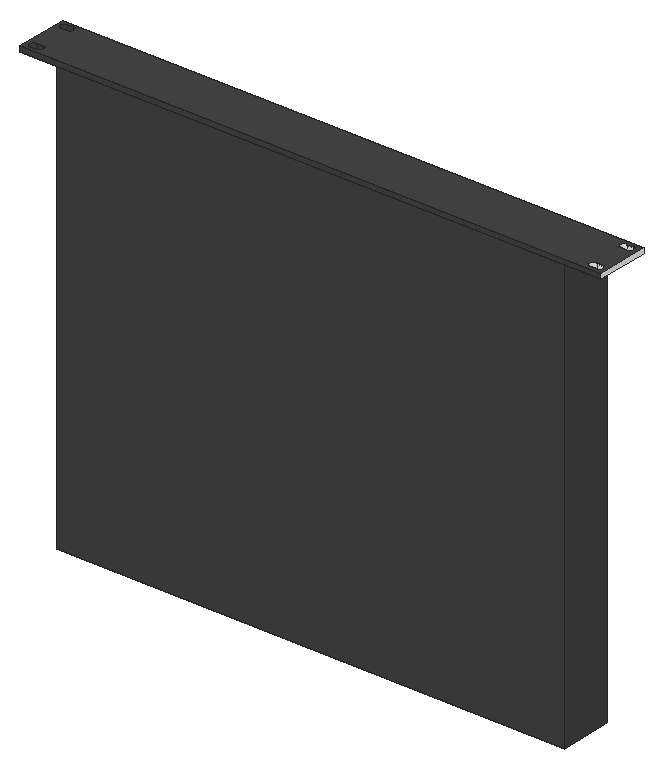
Revit family "Digital_Media-Honeywell-VARIODYN_D1-583381-31", category Electrical Equipment, host Face, Revit 2017
Family settings
  Host = Face
  Round Connector Dimension = Use Diameter
  Part Type = Equipment Switch
  OmniClass Number = 23.85.50.00
  OmniClass Title = Communication Systems
  Cut with Voids When Loaded = No
  Shared = No
  Room Calculation Point = No
Parameters (values of type "System Communication Unit SCU - 583381.31")
  Width = 483 mm  # constant formula
  Weight = 2.99999 kgf  # constant formula
  Watts = 24 W
  Wattage = "24 W"  # constant formula
  Voltage = "90 V"
  Version = "2017 - v1.0a"  # constant formula
  Utility = no
  Rated Voltage = "90 ... 265 V AC"  # constant formula
  Rated Frequency = "47 ... 63 Hz"  # constant formula
  Power Factor = 1
  Power Consumption = "24 W"  # constant formula
  Number of Poles = 1
  Manufacturer Phone Number = "02131/40615-600"  # constant formula
  Manufacturer Fax Number = "02131/40615-606"  # constant formula
  Manufacturer Email = "mailto:info@esser-systems.com"
  Manufacturer Address = "Dieselstr. 2 41469 Neuss Germany"  # constant formula
  Load Sub-Classification = no
  Frequency = 47 Hz
  Finish = Metal - Honeywell - Stainless Steel - Black
  URL = "www.esser-systems.com"
  Support Phone = "(224) 699-9545"  # constant formula
  Support Email = "mailto:support@anguleris.com"
  Product Page URL = "https://www.esser-systems.com/en/products/details/variodyn-d1/system-communication-unit/58338131-system-communication-unit-scu/"
  Product Name = "SCU"  # constant formula
  Product Documentation Link = "https://www.esser-systems.com/en/products/details/variodyn-d1/system-communication-unit/58338131-system-communication-unit-scu/download/productdatasheet/3000802"
  Model = "583381.31"  # constant formula
  Material = ""
  Manufacturer = "Honeywell International"  # constant formula
  Keynote = ""
  Height = 44 mm  # constant formula
  Description = "System Communication Unit SCU"  # constant formula
  Depth = 360 mm  # constant formula
  Default Elevation = 1219.2 mm
  Copyright = "© Copyright 2005-2019 Honeywell International Inc. All rights reserved."  # constant formula
  Assembly Code = ""
  Apparent Load = 0 VA
  Ambient Temperature = "-5 °C ... 45 °C"  # constant formula
  Air Humidity = "15 ... 90 % "  # constant formula
Reference planes
  plane 1 "Center (Front/Back)": y = 317.025
  plane 2: z = 0
  plane 3 "Center (Left/Right)": x = 0
  plane 4: y = -880.175
  plane 5: x = -241.5
  plane 6: x = 241.5
  plane 7: y = 339.025
  plane 8: y = 295.025
  plane 9 "Back": z = -360
  plane 10: z = 10.875
  plane 11: x = -158.75
Forms (mm)
  Extrusion 1, void
    sketch origin (0, 0, 0) x (1, 0, 0) y (0, 1, 0)
      loop
        line (-241.5, 339.025) -> (-241.5, 295.025) -> (241.5, 295.025) -> (241.5, 339.025) -> (-241.5, 339.025)
    from -360 to 10.875
  Extrusion 2, solid, material "Metal - Honeywell - Stainless Steel - Black" <- "Finish"
    sketch origin (0, 0, 0) x (1, 0, 0) y (0, 1, 0)
      loop
        line (241.5, 295.025) -> (241.5, 339.025) -> (-241.5, 339.025) -> (-241.5, 295.025) -> (241.5, 295.025)
      loop
        arc (-235.25, 336.051) -> (-238.398, 332.904) -> (-235.25, 329.756) r 3.148
        line (-235.25, 329.756) -> (-230.408, 329.756)
        arc (-230.408, 329.756) -> (-227.26, 332.904) -> (-230.408, 336.051) r 3.148
        line (-230.408, 336.051) -> (-235.25, 336.051)
      loop
        line (-235.25, 297.999) -> (-230.408, 297.999)
        arc (-230.408, 297.999) -> (-227.26, 301.147) -> (-230.408, 304.295) r 3.148
        line (-230.408, 304.295) -> (-235.25, 304.295)
        arc (-235.25, 304.295) -> (-238.398, 301.147) -> (-235.25, 297.999) r 3.148
      loop
        line (235.25, 336.051) -> (230.408, 336.051)
        arc (230.408, 336.051) -> (227.26, 332.904) -> (230.408, 329.756) r 3.148
        line (230.408, 329.756) -> (235.25, 329.756)
        arc (235.25, 329.756) -> (238.398, 332.904) -> (235.25, 336.051) r 3.148
      loop
        arc (235.25, 297.999) -> (238.398, 301.147) -> (235.25, 304.295) r 3.148
        line (235.25, 304.295) -> (230.408, 304.295)
        arc (230.408, 304.295) -> (227.26, 301.147) -> (230.408, 297.999) r 3.148
        line (230.408, 297.999) -> (235.25, 297.999)
    from 0 to 4
  Extrusion 3, solid, material "Metal - Honeywell - Stainless Steel - Black"
    sketch origin (0, 0, 0) x (1, 0, 0) y (0, 1, 0)
      loop
        line (-211.379, 339.025) -> (-211.379, 295.025) -> (211.5, 295.025) -> (211.5, 339.025) -> (-211.379, 339.025)
    from 0 to -360
Lines and regions (mm)
  Masking region 1
    outline origin (0, 317.025, 0) x (1, 0, 0) y (0, 0, 1)
      loop
        line (-241.5, -360) -> (241.5, -360) -> (241.5, 4) -> (-241.5, 4) -> (-241.5, -360)
  Split face 1
    outline origin (0, 0, 4) x (1, 0, 0) y (0, 1, 0)
      loop
        line (178.589, 339.025) -> (178.589, 295.025)
  Split face 2
    outline origin (0, -12.727, 4) x (1, 0, 0) y (0, 1, 0)
      loop
        arc (156.441, 323.912) -> (152.644, 319.304) -> (155.239, 313.927) r 5.538
        arc (155.239, 313.927) -> (157.25, 313.357) -> (159.262, 313.927) r 3.837
        line (159.262, 313.927) -> (162.32, 319.573)
        arc (162.32, 319.573) -> (164.395, 318.108) -> (163, 315.985) r 1.827
        line (163, 315.985) -> (163, 313.224)
        arc (163, 313.224) -> (166.981, 317.224) -> (165.424, 322.649) r 5.57
        arc (165.424, 322.649) -> (162.823, 323.555) -> (160.222, 322.649) r 4.186
        line (160.222, 322.649) -> (157.097, 316.88)
        arc (157.097, 316.88) -> (155.244, 318.552) -> (156.441, 320.742) r 2.013
        line (156.441, 320.742) -> (156.441, 323.912)
  Split face 3
    outline origin (0, 0, 4) x (1, 0, 0) y (0, 1, 0)
      loop
        line (152.854, 336.914) -> (152.854, 333.098) -> (163.633, 333.098)
        arc (163.633, 333.098) -> (164.659, 330.653) -> (163.633, 328.209) r 3.423
        line (163.633, 328.209) -> (152.854, 328.209) -> (152.854, 324.35) -> (163.641, 324.35)
        arc (163.641, 324.35) -> (167.383, 330.632) -> (163.641, 336.914) r 7.144
        line (163.641, 336.914) -> (152.854, 336.914)
  Split face 4
    outline origin (-241.5, 339.025, 0) x (1, 0, 0) y (0, 0, -1)
      loop
        line (420.212, -4) -> (420.212, 0)
  Split face 5
    outline origin (241.5, 295.025, 0) x (-1, 0, 0) y (0, 0, -1)
      loop
        line (62.911, -4) -> (62.911, 0)
  Split face 6
    outline origin (0, 0, 4) x (1, 0, 0) y (0, 1, 0)
      loop
        line (157.472, 320.366) -> (157.472, 323.583)
        spline (157.472, 323.583) -> (154.487, 322.156) -> (152.65, 319.863) -> (152.347, 317.185) -> (153.641, 314.686) -> (156.261, 312.889) -> (159.656, 312.172) -> (163.115, 312.685) -> (165.91, 314.32) -> (167.456, 316.735) -> (167.427, 319.423) -> (165.83, 321.818) -> (163, 323.419)
        line (163, 323.419) -> (163, 320.071)
        spline (163, 320.071) -> (164.266, 319.174) -> (164.751, 318.07) -> (164.371, 316.953) -> (163.192, 316.02) -> (161.423, 315.437) -> (159.375, 315.307) -> (157.411, 315.651) -> (155.876, 316.41) -> (155.043, 317.45) -> (155.058, 318.586) -> (155.918, 319.619) -> (157.472, 320.366)
  Split face 7
    outline origin (0, 0, 4) x (1, 0, 0) y (0, 1, 0)
      loop
        line (108.173, 325.217) -> (108.173, 322.404) -> (133.596, 322.404) -> (133.596, 325.217) -> (108.173, 325.217)
  Split face 8
    outline origin (0, 0, 4) x (1, 0, 0) y (0, 1, 0)
      loop
        line (108.173, 319.257) -> (108.173, 316.228) -> (133.596, 316.228) -> (133.596, 319.257) -> (108.173, 319.257)
  Split face 9
    outline origin (0, 0, 4) x (1, 0, 0) y (0, 1, 0)
      loop
        line (79.545, 325.217) -> (79.545, 322.404) -> (105.242, 322.404) -> (105.242, 325.217) -> (79.545, 325.217)
  Split face 10
    outline origin (0, 0, 4) x (1, 0, 0) y (0, 1, 0)
      loop
        line (79.545, 319.257) -> (79.545, 316.228) -> (105.242, 316.228) -> (105.242, 319.257) -> (79.545, 319.257)
Dimensions and locks
  "Default Elevation": plane 4 to plane 7
  plane 10 to Masking region 1 = 6.875 mm
  "Depth": level to plane 9 "Back"
  "Height": plane 8 to plane 7
  equal spacing: plane 5, plane 3 "Center (Left/Right)", plane 6
  "Width": plane 5 to plane 6
  equal spacing: plane 8, plane 1 "Center (Front/Back)", plane 7
  locked: plane 10 to level at 10.875
  locked: plane 5 to Extrusion 3 sketch curve at 30.121
  locked: Extrusion 3 sketch curve to plane 6 at 30
  locked: Extrusion 2 to level at 4
  Extrusion 2 sketch curve to Extrusion 2 sketch curve to Extrusion 2 sketch curve to Extrusion 2 sketch curve to plane 3 "Center (Left/Right)" to Extrusion 2 sketch curve to Extrusion 2 sketch curve to Extrusion 2 sketch curve to Extrusion 2 sketch curve = 0 mm locked, 11.139 mm locked, 0 mm locked, 227.26 mm locked, 227.26 mm, 0 mm locked, 11.139 mm locked, 0 mm locked
  Extrusion 2 sketch curve to Extrusion 2 sketch curve to Extrusion 2 sketch curve to Extrusion 2 sketch curve to plane 1 "Center (Front/Back)" to Extrusion 2 sketch curve to Extrusion 2 sketch curve to Extrusion 2 sketch curve to Extrusion 2 sketch curve = 0 mm locked, 6.296 mm locked, 0 mm locked, 12.73 mm, 12.73 mm, 0 mm locked, 6.296 mm locked, 0 mm locked
  aligned and locked: plane 2 to host face
  aligned and locked: Masking region 1 sketch curve to plane 9 "Back"
  aligned and locked: plane 7 to Extrusion 1 sketch curve
  aligned and locked: Extrusion 1 sketch curve to plane 6
  aligned and locked: plane 5 to Extrusion 1 sketch curve
  aligned and locked: Masking region 1 to plane 6
  aligned and locked: Masking region 1 to plane 5
  aligned and locked: Extrusion 1 to plane 9 "Back"
  aligned and locked: plane 10 to Extrusion 1
  aligned and locked: plane 7 to Extrusion 3 sketch curve
  aligned and locked: Extrusion 3 sketch curve to plane 8
  aligned and locked: Extrusion 3 to plane 9 "Back"
  aligned and locked: level to Extrusion 3
  aligned and locked: Masking region 1 to Extrusion 2
Automatic sketch dimensions
  host sketch curve to host sketch curve = 2438.4 mm  (x2)
  Masking region 1 sketch curve to plane 10 = 6.875 mm
  plane 8 to Extrusion 1 sketch curve = 0 mm
  Masking region 1 sketch curve to plane 11 = 82.75 mm
  Masking region 1 sketch curve to plane 6 = 0 mm
  Extrusion 2 to Split face 1 sketch curve = 0 mm
  Split face 1 sketch curve to Extrusion 2 = 0 mm
  Split face 4 sketch curve to Extrusion 2 = 0 mm  (x2)
  Split face 4 sketch curve to Extrusion 2 = 62.788 mm
  Split face 5 sketch curve to Extrusion 2 = 0 mm  (x2)
  Split face 5 sketch curve to Extrusion 2 = 62.911 mm
  Split face 1 sketch curve to Extrusion 2 = 62.911 mm
  Split face 3 sketch curve to Extrusion 2 = 0.863 mm
  Split face 3 sketch curve to Extrusion 2 = 88.646 mm
  Extrusion 2 to Split face 3 sketch curve = 0.877 mm
  Split face 3 sketch curve to Split face 3 sketch curve = 7.384 mm
  Split face 3 sketch curve to Split face 3 sketch curve = 0.998 mm
  Split face 3 sketch curve to Extrusion 2 = 1.546 mm
  Split face 3 sketch curve to Split face 3 sketch curve = 2.397 mm  (x2)
  Split face 3 sketch curve to Split face 3 sketch curve = 0.008 mm  (x2)
  Extrusion 2 to Split face 3 sketch curve = 0.898 mm
  Split face 3 sketch curve to Split face 3 sketch curve = 0 mm
  Split face 2 sketch curve to Extrusion 2 = 21.741 mm
  Split face 2 sketch curve to Extrusion 2 = 85.059 mm
  Split face 2 sketch curve to Split face 2 sketch curve = 0.788 mm
  Split face 2 sketch curve to Split face 2 sketch curve = 0.021 mm
  Split face 2 sketch curve to Split face 2 sketch curve = 0.913 mm
  Extrusion 2 to Split face 2 sketch curve = 3.096 mm
  Split face 2 sketch curve to Split face 2 sketch curve = 2.012 mm
  Split face 2 sketch curve to Extrusion 2 = 19.834 mm
  Split face 2 sketch curve to Split face 2 sketch curve = 3.781 mm
  Split face 2 sketch curve to Split face 2 sketch curve = 3.445 mm
  Split face 2 sketch curve to Split face 2 sketch curve = 1.013 mm
  Split face 2 sketch curve to Split face 2 sketch curve = 3.739 mm
  Split face 2 sketch curve to Split face 2 sketch curve = 0.702 mm
  Split face 2 sketch curve to Split face 2 sketch curve = 3.548 mm
  Split face 2 sketch curve to Split face 2 sketch curve = 4.543 mm
  Split face 2 sketch curve to Split face 2 sketch curve = 0.844 mm
  Split face 2 sketch curve to Split face 2 sketch curve = 1.448 mm
  Split face 2 sketch curve to Split face 2 sketch curve = 0.247 mm
  Split face 2 sketch curve to Split face 2 sketch curve = 0.758 mm
  Split face 2 sketch curve to Split face 2 sketch curve = 3.17 mm
  Split face 2 sketch curve to Split face 2 sketch curve = 0.153 mm
  Split face 2 sketch curve to Split face 2 sketch curve = 0.733 mm
  Split face 2 sketch curve to Split face 2 sketch curve = 0.503 mm
  Split face 2 sketch curve to Split face 2 sketch curve = 1.783 mm
  Extrusion 2 sketch curve to plane 5 = 0 mm
  Extrusion 2 sketch curve to plane 6 = 0 mm
  Extrusion 2 sketch curve to plane 8 = 0 mm
  Extrusion 2 sketch curve to plane 7 = 0 mm
  Split face 6 sketch curve to Extrusion 2 = 11.756 mm
  Split face 6 sketch curve to Extrusion 2 = 86.559 mm
  Split face 6 sketch curve to Split face 6 sketch curve = 2.531 mm
  Split face 6 sketch curve to Split face 6 sketch curve = 3.348 mm
  Split face 6 sketch curve to Split face 6 sketch curve = 3.218 mm
  Split face 6 sketch curve to Split face 6 sketch curve = 2.375 mm
  Split face 6 sketch curve to Split face 6 sketch curve = 0.109 mm
  Split face 6 sketch curve to Split face 6 sketch curve = 0.034 mm
  Split face 6 sketch curve to Split face 6 sketch curve = 2.039 mm
  Split face 6 sketch curve to Split face 6 sketch curve = 4.646 mm
  Split face 7 sketch curve to Extrusion 2 = 7.352 mm
  Split face 7 sketch curve to Extrusion 2 = 133.327 mm
  Split face 7 sketch curve to Split face 7 sketch curve = 25.423 mm
  Split face 7 sketch curve to Split face 7 sketch curve = 2.813 mm
  Split face 8 sketch curve to Extrusion 2 = 11.933 mm
  Split face 8 sketch curve to Extrusion 2 = 133.327 mm
  Split face 8 sketch curve to Split face 8 sketch curve = 25.423 mm
  Split face 8 sketch curve to Split face 8 sketch curve = 3.029 mm
  Split face 9 sketch curve to Extrusion 2 = 7.352 mm
  Split face 9 sketch curve to Extrusion 2 = 161.955 mm
  Split face 9 sketch curve to Split face 9 sketch curve = 25.697 mm
  Split face 9 sketch curve to Split face 9 sketch curve = 2.813 mm
  Split face 10 sketch curve to Extrusion 2 = 11.933 mm
  Split face 10 sketch curve to Extrusion 2 = 161.955 mm
  Split face 10 sketch curve to Split face 10 sketch curve = 25.697 mm
  Split face 10 sketch curve to Split face 10 sketch curve = 3.029 mm
Connectors
  electrical at (200, 320, -360), driven by "Power Factor", driven by "Number of Poles", driven by "Apparent Load"
    settings: index 1, voltage 90 V, apparent load 0 VA, apparent load phase1 0 VA, apparent load phase2 0 VA, apparent load phase3 0 VA, power factor 1, load classification "Other", number of poles 1, system type 31, power factor state 1, is connector primary yes, connector utility no, sub classification motor no, connector description "Electrical Connector"
  electrical at (-160, 342, -360)
    settings: index 2, voltage 0 V, apparent load 0 VA, apparent load phase1 0 VA, apparent load phase2 0 VA, apparent load phase3 0 VA, power factor 1, load classification "Other", number of poles 1, system type 5, power factor state 1, is connector primary no, connector utility no, sub classification motor no, connector description "Ethernet"
